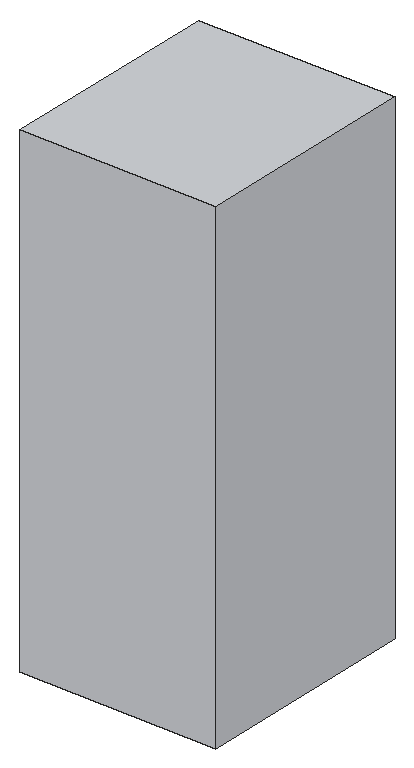
Revit family "Kinzo -260 - Matt Nickel", category Lighting Fixtures, host Wall, Revit 2018
Family settings
  Host = Wall
  Round Connector Dimension = Use Diameter
  Part Type = Normal
  OmniClass Number = 23.80.70.00
  OmniClass Title = Lighting
  Always vertical = Yes
  Cut with Voids When Loaded = No
  Light Source = Yes
  Shared = No
  Room Calculation Point = No
Parameters (values of type "CE")
  Wattage = 15.1 W
  built-in parameter 1150110 = 1 (stored number, unit not read)
  URL = "www.astrolighting.com"
  built-in parameter 1114217 = 1 (stored number, unit not read)
  Tilt Angle = 0.00°
  built-in parameter 1150109 = 1 (stored number, unit not read)
  built-in parameter 1150134 = (empty or 0)
  built-in parameter 1150113 = 1 (stored number, unit not read)
  Photometric Web File = "GNC-20248 Kinzo 260 - Matt Nickel - White.ies"
  built-in parameter 1150105 = 74.5 (stored number, unit not read)
  Lumens = 936.2 lm
  built-in parameter 1150115 = 1 (stored number, unit not read)
  built-in parameter 1150137 = (empty or 0)
  built-in parameter 1150139 = (empty or 0)
  built-in parameter 1150112 = 1 (stored number, unit not read)
  built-in parameter 1150114 = 1 (stored number, unit not read)
  built-in parameter 1150132 = (empty or 0)
  built-in parameter 1150102 = (empty or 0)
  built-in parameter 1150107 = 2700 (stored number, unit not read)
  built-in parameter 1150138 = (empty or 0)
  built-in parameter 1150106 = 0.745 (stored number, unit not read)
  built-in parameter 1150104 = 5.76 (stored number, unit not read)
  Dimming Lamp Color Temperature Shift = <None>
  Color Filter = 16777215
  built-in parameter 1114218 = 1 (stored number, unit not read)
  built-in parameter 1150133 = 10 (stored number, unit not read)
  ADA compliant = "Yes"
  Product SKU = 1398015
  Product Name = "Kinzo 260"
  Product Location = "Indoor"
  Product Code = 8178
  Power (Watts) = "15.1"
  Manufacturer = "Astro Lighting Ltd"
  Main Material = "Metal - Alu"
  Main Finish = "Black"
  Light Source Fixed = "Yes"
  Length of Cable Supplied = "Not supplied"
  Lamp = "LED"
  Location rating = "IP20"
  Electrical Class = 1
  Efficacy (lm/w) = "62"
  Driver Required = "No"
  Driver Included = "Integral"
  Dimming Method = "Phase Dimming"
  Dimmable = "Yes"
Types (2, lengths in mm): name | Wattage | Tilt Angle | built-in parameter 1150134 | Photometric Web File | built-in parameter 1150105 | Lumens | built-in parameter 1150107 | built-in parameter 1150106 | built-in parameter 1150104 | ADA compliant | Product SKU | Product Name | Product Location | Product Code | Power (Watts) | Main Material | Main Finish | Light Source Fixed | Length of Cable Supplied | Lamp | Location rating | Electrical Class | Efficacy (lm/w) | Driver Included | Dimming Method | Dimmable
  CE | 15.1 W | 0.00° | (empty or 0) | "GNC-20248 Kinzo 260 - Matt Nickel - White.ies" | 74.5 (stored number, unit not read) | 936.2 lm | 2700 (stored number, unit not read) | 0.745 (stored number, unit not read) | 5.76 (stored number, unit not read) | "Yes" | 1398015 | "Kinzo 260" | "Indoor" | 8178 | "15.1" | "Metal - Alu" | "Black" | "Yes" | "Not supplied" | "LED" | "IP20" | 1 | "62" | "Integral" | "Phase Dimming" | "Yes"
  ETL | 9.2903 W | 60.00° | 3 | "generic" | 109.82 (stored number, unit not read) | 1380 lm | 3200 (stored number, unit not read) | 1.0982 (stored number, unit not read) | 13.8 (stored number, unit not read) | "NO" | 1234001 | "" | "Bathroom" | 1234 | "" | "Metal - Steel" | "" | "" | "" | 0 | "DAMP" | 0 | "" | "" | "" | ""
Reference planes
  plane 1: y = 0
  plane 2 "Light Source Axis (L/R)": x = 125
  plane 3 "Light Source Axis (F/R)": y = 150
  plane 4 "Light Source Elevation": z = 1800
Forms (mm)
  Extrusion 1, solid
    sketch origin (124.996, 0, 69.15) x (0, 1, 0) y (0, 0, 1)
      loop
        line (0, 380) -> (0, 120) -> (120, 120) -> (120, 380) -> (0, 380)
    from -52.5 to 52.5
Text (mm)
  text "Placement side" at (-1787.139, 1116.779, 0), in view "Ref. Level"
  text "Placement side" at (0, 2110.396, 2986.058), in view "Left"
  text "Placement side" at (0, 628.478, 3011.967), in view "Right"
Dimensions and locks
  locked: host wall to plane 1 at 75
